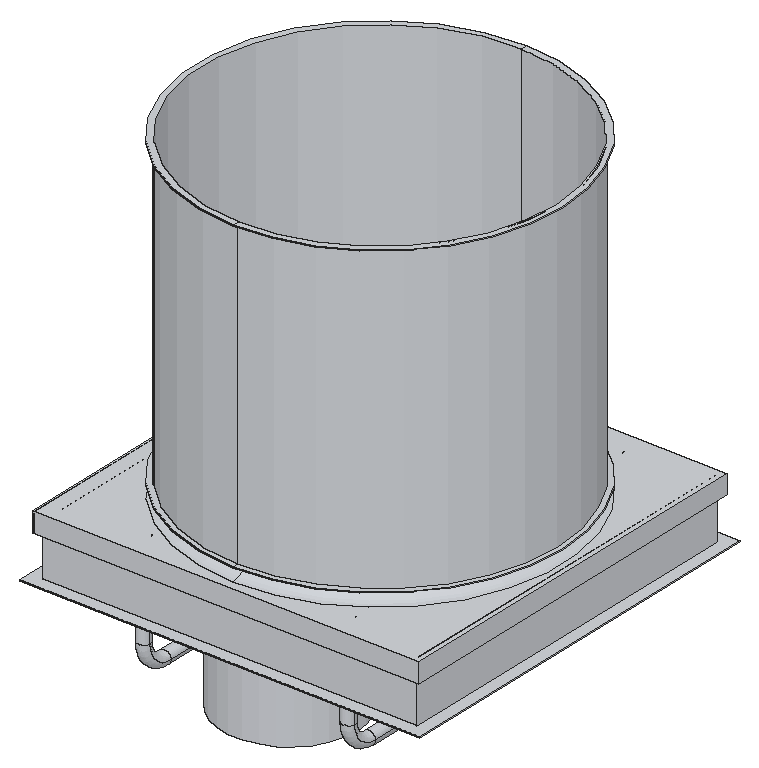
Revit family "LXUL", category Mechanical Equipment, Revit 2019
Family settings
  Round Connector Dimension = Use Diameter
  Part Type = Normal
  Work Plane-Based = No
  Always vertical = Yes
  Cut with Voids When Loaded = No
  Shared = No
  Room Calculation Point = No
Parameters (values of type "48_LXUL")
  ro = T_SQ - 0' 4 1/2"  # 4' - 7 1/2"
  Unit Weight [instance] = ""
  T_SQ/2 = T_SQ / 2  # 2' - 6"
  T_SQ = 5' - 0"
  Sones [instance] = ""
  RO/2 = ro / 2  # 2' - 3 3/4"
  Motor RPM [instance] = ""
  Motor Enclosure [instance] = ""
  ModelID [instance] = ""
  MP/2 = T_SQ / 4  # 1' - 3"
  LwA [instance] = ""
  Fan RPM [instance] = ""
  F = 0' - 0"
  E-.125" = E - 0' 0 1/8"  # 0' - 2 7/8"
  E = 0' - 3"
  D = 2' - 0"
  CURB_HEIGHT [instance] = 0' - 9 1/2"
  CURB [instance] = yes
  C/2 = C / 2  # 2' - 0"
  C = 4' - 0"
  B/2 = B / 2  # 2' - 1"
  B = 4' - 2"
  Accessories [instance] = ""
  A/2 = A / 2  # 2' - 3 5/8"
  A = 4' - 7 1/4"
  3" = 0' - 3"  # constant formula
  Brake Hp [instance] = ""
  4" = 0' - 4"  # constant formula
  2' = 2' - 0"
  2" = 0' - 2"  # constant formula
  1' = 1' - 0"  # constant formula
  1" = 0' - 1"  # constant formula
  0 = 0' - 0"  # constant formula
  Voltage [instance] = 0 V
  URL = "www.lorencook.com"
  Type Comments = "Low Silhouette Upblast Exhaust Ventilator Low Pressure X-Stream Propeller Roof Mounted/Belt Drive"  # constant formula
  Static Pressure [instance] = 0.00 in-wg
  Power [instance] = Voltage * Motor FLA * sqrt(if(Phase = 3, 3, 1))  # 0 VA
  Phase [instance] = 0
  Number of Poles [instance] = 1
  Motor Hp [instance] = "0"
  Motor FLA [instance] = 0 A
  Model = "LXUL"  # constant formula
  Manufacturer = "Loren Cook Company"
  CFM [instance] = 0 CFM
  1.5 = 0' - 1 1/2"  # constant formula
  ONE EIGTH = 0' - 0 1/8"  # constant formula
  -D+4" = -D + 0' 4" + E  # -1' - 5"
  -D+2" = -D + 0' 2" + E  # -1' - 7"
  -D = -D + E  # -1' - 9"
  (T_SQ/2)+.125" = (T_SQ / 2) + 0' 0 1/8"  # 2' - 6 1/8"
  (A/2)-2" = (A / 2) - 0' 2"  # 2' - 1 5/8"
Types (9): name | ro | T_SQ/2 | T_SQ | RO/2 | MP/2 | E-.125" | E | D | C/2 | C | B/2 | B | A/2 | A | -D+4" | -D+2" | -D | (T_SQ/2)+.125" | (A/2)-2"
  (no name) | 4' - 7 1/2" | 2' - 6" | 5' - 0" | 2' - 3 3/4" | 1' - 3" | 0' - 2 7/8" | 0' - 3" | 2' - 0" | 2' - 0" | 4' - 0" | 2' - 1" | 4' - 2" | 2' - 3 5/8" | 4' - 7 1/4" | -1' - 5" | -1' - 7" | -1' - 9" | 2' - 6 1/8" | 2' - 1 5/8"
  20_LXUL | 2' - 3 1/2" | 1' - 4" | 2' - 8" | 1' - 1 3/4" | 0' - 8" | 0' - 1 7/8" | 0' - 2" | 1' - 9" | 0' - 11 1/16" | 1' - 10 1/8" | 1' - 0 1/16" | 2' - 0 1/8" | 1' - 0 1/8" | 2' - 0 1/4" | -1' - 3" | -1' - 5" | -1' - 7" | 1' - 4 1/8" | 0' - 10 1/8"
  24_LXUL | 2' - 7 1/2" | 1' - 6" | 3' - 0" | 1' - 3 3/4" | 0' - 9" | 0' - 2 7/8" | 0' - 3" | 1' - 9" | 1' - 1" | 2' - 2" | 1' - 2" | 2' - 4" | 1' - 3 5/8" | 2' - 7 1/4" | -1' - 2" | -1' - 4" | -1' - 6" | 1' - 6 1/8" | 1' - 1 5/8"
  30_LXUL | 3' - 1 1/2" | 1' - 9" | 3' - 6" | 1' - 6 3/4" | 0' - 10 1/2" | 0' - 2 7/8" | 0' - 3" | 1' - 9" | 1' - 4" | 2' - 8" | 1' - 5" | 2' - 10" | 1' - 6 5/8" | 3' - 1 1/4" | -1' - 2" | -1' - 4" | -1' - 6" | 1' - 9 1/8" | 1' - 4 5/8"
  36_LXUL | 3' - 7 1/2" | 2' - 0" | 4' - 0" | 1' - 9 3/4" | 1' - 0" | 0' - 2 7/8" | 0' - 3" | 1' - 9" | 1' - 6" | 3' - 0" | 1' - 7" | 3' - 2" | 1' - 9 5/8" | 3' - 7 1/4" | -1' - 2" | -1' - 4" | -1' - 6" | 2' - 0 1/8" | 1' - 7 5/8"
  42_LXUL | 4' - 1 1/2" | 2' - 3" | 4' - 6" | 2' - 0 3/4" | 1' - 1 1/2" | 0' - 2 7/8" | 0' - 3" | 1' - 9" | 1' - 9 1/2" | 3' - 7" | 1' - 10 1/2" | 3' - 9" | 2' - 0 5/8" | 4' - 1 1/4" | -1' - 2" | -1' - 4" | -1' - 6" | 2' - 3 1/8" | 1' - 10 5/8"
  48_LXUL | 4' - 7 1/2" | 2' - 6" | 5' - 0" | 2' - 3 3/4" | 1' - 3" | 0' - 2 7/8" | 0' - 3" | 2' - 0" | 2' - 0" | 4' - 0" | 2' - 1" | 4' - 2" | 2' - 3 5/8" | 4' - 7 1/4" | -1' - 5" | -1' - 7" | -1' - 9" | 2' - 6 1/8" | 2' - 1 5/8"
  54_LXUL | 5' - 1 1/2" | 2' - 9" | 5' - 6" | 2' - 6 3/4" | 1' - 4 1/2" | 0' - 2 7/8" | 0' - 3" | 2' - 4" | 1' - 10" | 3' - 8" | 1' - 11" | 3' - 10" | 2' - 6 5/8" | 5' - 1 1/4" | -1' - 9" | -1' - 11" | -2' - 1" | 2' - 9 1/8" | 2' - 4 5/8"
  60_LXUL | 5' - 7 1/2" | 3' - 0" | 6' - 0" | 2' - 9 3/4" | 1' - 6" | 0' - 2 7/8" | 0' - 3" | 2' - 4" | 2' - 0 1/2" | 4' - 1" | 2' - 1 1/2" | 4' - 3" | 2' - 9 5/8" | 5' - 7 1/4" | -1' - 9" | -1' - 11" | -2' - 1" | 3' - 0 1/8" | 2' - 7 5/8"
Reference planes (in)
  plane 1 "Center (Front/Back)": y = 0
  plane 2: z = 0
  plane 3 "Center (Left/Right)": x = 0.40541
Forms (in)
  Extrusion 1, solid
    sketch origin (0, 0, 0) x (1, 0, 0) y (0, 1, 0)
      loop
        line (-29.71959, 30.125) -> (-29.71959, -30.125) -> (30.53041, -30.125) -> (30.53041, 30.125) -> (-29.71959, 30.125)
    from 0 to 3 <- "E"
  Extrusion 2, void
    sketch origin (0, 0, 0) x (1, 0, 0) y (0, 1, 0)
      loop
        line (-29.59459, 30) -> (-29.59459, -30) -> (30.40541, -30) -> (30.40541, 30) -> (-29.59459, 30)
    from 0 to 2.875 <- "E-.125""
  Extrusion 3, solid
    sketch origin (0, 0, 0) x (1, 0, 0) y (0, 1, 0)
      loop
        line (-14.59459, -6) -> (-14.46959, -6) -> (-14.46959, -2.125) -> (15.28041, -2.125) -> (15.28041, -6) -> (15.40541, -6) -> (15.40541, -2) -> (-14.59459, -2) -> (-14.59459, -6)
    from 0 to -19 <- "-D+2""
  Extrusion 4, solid
    sketch origin (0, 0, 0) x (1, 0, 0) y (0, 1, 0)
      loop
        line (-14.46959, -5) -> (-14.46959, -7) -> (15.15541, -7) -> (15.15541, -5) -> (-14.46959, -5)
    from 0 to -19 <- "-D+2""
  Extrusion 5, solid
    sketch origin (0, 0, 0) x (1, 0, 0) y (0, 1, 0)
      loop
        circle (0.40541, -17.5625) r 10.5625
    from -4 to -21 <- "-D"
  Extrusion 6, void
    sketch origin (0, 0, 0) x (1, 0, 0) y (0, 1, 0)
      loop
        circle (0.40541, -17.5625) r 10.5625
      loop
        circle (0.40541, -17.5625) r 1
    from -19 <- "-D+2"" to -21 <- "-D"
  Extrusion 7, solid
    sketch origin (0, 0, 0) x (1, 0, 0) y (0, 1, 0)
      loop
        circle (0.40541, 0) r 1
    from 0 to -21 <- "-D"
  Extrusion 8, solid
    sketch origin (0, 0, 0) x (1, 0, 0) y (0, 1, 0)
      loop
        line (-2.59459, -2) -> (3.40541, -2) -> (3.40541, -0.5) -> (2.3419, -0.5)
        arc (2.3419, -0.5) -> (0.40541, 2) -> (-1.53108, -0.5) r 2
        line (-1.53108, -0.5) -> (-2.59459, -0.5) -> (-2.59459, -2)
    from -17 <- "-D+4"" to -19 <- "-D+2""
  Sweep 9, solid
    path origin (0.40541, 0, 0) x (0, 1, 0) y (0, 0, 1)
      loop
        line (26.125, 2.875) -> (26.125, -12)
        arc (26.125, -12) -> (24.95343, -14.82843) -> (22.125, -16) r 4
        line (22.125, -16) -> (-22.125, -16)
        arc (-22.125, -16) -> (-24.95343, -14.82843) -> (-26.125, -12) r 4
        line (-26.125, -12) -> (-26.125, 2.875)
    profile origin (0.40541, 26.125, -4.5625) x (1, 0, 0) y (0, 1, 0)
      loop
        circle (16, 0) r 1
      loop
        circle (-16, 0) r 1
  Revolve 10, solid
    sketch origin (0.40541, 0, 0) x (0, 1, 0) y (0, 0, 1)
      loop
        line (0, 3) -> (0, 18) -> (-25.625, 18) -> (-25.625, 6)
        arc (-25.625, 6) -> (-26.50368, 3.87868) -> (-28.625, 3) r 3
        line (-28.625, 3) -> (0, 3)
      axis (0, 3) -> (0, 18)
    angle from 0 to 360
  Revolve 11, solid
    sketch origin (0.40541, 0, 0) x (0, 1, 0) y (0, 0, 1)
      loop
        line (-28.625, 53) -> (-28.625, 52.875) -> (-27.75, 52.875) -> (-27.75, 5.125) -> (-28.625, 5.125) -> (-28.625, 5) -> (-27.625, 5) -> (-27.625, 53) -> (-28.625, 53)
      axis (0, 5) -> (0, 53)
    angle from 0 to 360
  Extrusion 12, solid, visible <- "CURB"
    sketch origin (0, 0, 2.875) x (0, 1, 0) y (1, 0, 0)
      loop
        line (27.75, -27.34459) -> (27.75, 28.15541) -> (-27.75, 28.15541) -> (-27.75, -27.34459) -> (27.75, -27.34459)
      loop
        line (-29.25, 29.65541) -> (-29.25, -28.84459) -> (29.25, -28.84459) -> (29.25, 29.65541) -> (-29.25, 29.65541)
    from 0 to 9.5 <- "CURB_HEIGHT"
  Extrusion 13, solid, visible <- "CURB"
    sketch origin (0, 0, -6.625) x (-1, 0, 0) y (0, 1, 0)
      loop
        line (28.84459, -29.25) -> (28.84459, 29.25) -> (-29.65541, 29.25) -> (-29.65541, -29.25) -> (28.84459, -29.25)
      loop
        line (-31.65541, 31.25) -> (-31.65541, -31.25) -> (30.84459, -31.25) -> (30.84459, 31.25) -> (-31.65541, 31.25)
    from 0 to -0.125
Cuts and joins
  Extrusion 2 cuts Extrusion 1
  Extrusion 6 cuts Extrusion 4
  Extrusion 6 cuts Extrusion 5
Dimensions and locks (in)
  "(T_SQ/2)+.125"": Extrusion 1 sketch curve to plane 3 "Center (Left/Right)"
  "(T_SQ/2)+.125"": plane 3 "Center (Left/Right)" to Extrusion 1 sketch curve
  "(T_SQ/2)+.125"": plane 1 "Center (Front/Back)" to Extrusion 1 sketch curve
  "(T_SQ/2)+.125"": Extrusion 1 sketch curve to plane 1 "Center (Front/Back)"
  "T_SQ/2": Extrusion 2 sketch curve to plane 3 "Center (Left/Right)"
  "T_SQ/2": plane 3 "Center (Left/Right)" to Extrusion 2 sketch curve
  "T_SQ/2": plane 1 "Center (Front/Back)" to Extrusion 2 sketch curve
  "T_SQ/2": Extrusion 2 sketch curve to plane 1 "Center (Front/Back)"
  "2"": Extrusion 3 sketch curve to plane 1 "Center (Front/Back)"
  "ONE EIGTH": Extrusion 3 sketch curve to Extrusion 3 sketch curve  (x3)
  "4"": Extrusion 3 sketch curve to Extrusion 3 sketch curve
  "MP/2": plane 3 "Center (Left/Right)" to Extrusion 3 sketch curve
  "MP/2": Extrusion 3 sketch curve to plane 3 "Center (Left/Right)"
  "ONE EIGTH": Extrusion 3 to Extrusion 4 sketch curve
  "ONE EIGTH": Extrusion 4 sketch curve to Extrusion 3
  "1"": Extrusion 3 to Extrusion 4 sketch curve
  "2"": Extrusion 4 sketch curve to Extrusion 4 sketch curve
  "2"": cut or joined group of Extrusion 1, Extrusion 2 to Extrusion 5 sketch curve
  "0": Extrusion 5 sketch curve to Extrusion 4
  "0": Extrusion 5 sketch curve to plane 3 "Center (Left/Right)"
  "0": Extrusion 6 sketch curve to Extrusion 6 sketch curve
  "0": plane 3 "Center (Left/Right)" to Extrusion 6 sketch curve
  "0": Extrusion 6 sketch curve to plane 3 "Center (Left/Right)"
  "0": Extrusion 6 sketch curve to Extrusion 4
  "2"": cut or joined group of Extrusion 1, Extrusion 2 to Extrusion 6 sketch curve
  "0": Extrusion 7 sketch curve to plane 1 "Center (Front/Back)"
  "0": Extrusion 7 sketch curve to plane 3 "Center (Left/Right)"
  "0": Extrusion 8 sketch curve to Extrusion 3
  "3"": Extrusion 8 sketch curve to plane 3 "Center (Left/Right)"
  "3"": plane 3 "Center (Left/Right)" to Extrusion 8 sketch curve
  "0": Extrusion 8 sketch curve to plane 1 "Center (Front/Back)"
  "0": Extrusion 8 sketch curve to plane 3 "Center (Left/Right)"
  "1.5": Extrusion 8 sketch curve to Extrusion 3
  "0": Extrusion 8 sketch curve to Extrusion 8 sketch curve
  "4"": cut or joined group of Extrusion 1, Extrusion 2 to Sweep 9 sketch curve
  "4"": Sweep 9 sketch curve to cut or joined group of Extrusion 1, Extrusion 2
  "ONE EIGTH": cut or joined group of Extrusion 1, Extrusion 2 to Sweep 9 sketch curve  (x2)
  "1"": Extrusion 8 to Sweep 9 sketch curve
  "0": Sweep 9 sketch curve to profile plane
  "0": profile plane to Sweep 9 sketch curve
  "0": Sweep 9 sketch curve to Extrusion 3
  "0": Extrusion 3 to Sweep 9 sketch curve
  "(A/2)-2"": plane 1 "Center (Front/Back)" to Revolve 10 sketch curve
  "1'": Revolve 10 sketch curve to Revolve 10 sketch curve
  "0": Revolve 10 sketch curve to cut or joined group of Extrusion 1, Extrusion 2
  "0": Revolve 10 sketch curve to plane 1 "Center (Front/Back)"  (x2)
  "A/2": plane 1 "Center (Front/Back)" to Revolve 11 sketch curve
  "ONE EIGTH": Revolve 11 sketch curve to Revolve 11 sketch curve  (x3)
  "B": Revolve 11 sketch curve to cut or joined group of Extrusion 1, Extrusion 2
  "1"": Revolve 11 sketch curve to Revolve 11 sketch curve  (x2)
  "C": Revolve 11 sketch curve to Revolve 11 sketch curve
  "0": Revolve 11 sketch curve to plane 1 "Center (Front/Back)"
  "1.5": Extrusion 12 sketch curve to Extrusion 12 sketch curve  (x4)
  "RO/2": Extrusion 12 sketch curve to plane 3 "Center (Left/Right)"
  "RO/2": plane 3 "Center (Left/Right)" to Extrusion 12 sketch curve
  "RO/2": plane 1 "Center (Front/Back)" to Extrusion 12 sketch curve
  "RO/2": Extrusion 12 sketch curve to plane 1 "Center (Front/Back)"
  "2"": Extrusion 13 sketch curve to Extrusion 13 sketch curve  (x4)
  "0": Extrusion 13 sketch curve to Extrusion 12  (x3)
  "0": Extrusion 12 to Extrusion 13 sketch curve
  "1"": radius of Extrusion 6 sketch curve
  "1"": radius of Extrusion 7 sketch curve
  "2"": radius of Extrusion 8 sketch curve
  "4"": radius of Sweep 9 sketch curve  (x2)
  "1"": radius of Sweep 9 sketch curve  (x2)
  "3"": radius of Revolve 10 sketch curve
Automatic sketch dimensions
  Extrusion 3 sketch curve to Extrusion 3 sketch curve = 0' - 0"
  Extrusion 8 sketch curve to Extrusion 8 sketch curve = 0' - 0"
  Revolve 10 sketch curve to Revolve 10 sketch curve = 0' - 0"
  Revolve 10 sketch curve to Revolve 10 sketch curve = 0' - 2 1/4"
  Revolve 11 sketch curve to Revolve 11 sketch curve = 0' - 1 3/4"
  Revolve 11 sketch curve to Revolve 11 sketch curve = 0' - 2"
Connectors (in)
  electrical at (0.40541, -17.5625, -4)
    settings: on cut or joined group of Extrusion 5, Extrusion 6, index 2, voltage 0 V, apparent load 0 VA, apparent load phase1 0 VA, apparent load phase2 0 VA, apparent load phase3 0 VA, power factor 1, load classification "Other", number of poles 1, system type 30, power factor state 1, is connector primary yes, connector utility no, sub classification motor no, connector description ""
  hvac at (0.40541, 0, 2.875), driven by "CFM", driven by "ro", driven by "ro"
    settings: on cut or joined group of Extrusion 1, Extrusion 2, index 3, duct flow 0 CFM, flow factor 0, pres drop 0.00 in-wg, loss coef 0, conn angle 0.00°, conn width 55 1/2", conn height 55 1/2", conn diameter 24", duct sys type 3, conn prof type 1, flow config 0, flow direction 1, loss method 0, conn ref index -1, conn util no, is conn primary yes, conn desc ""
